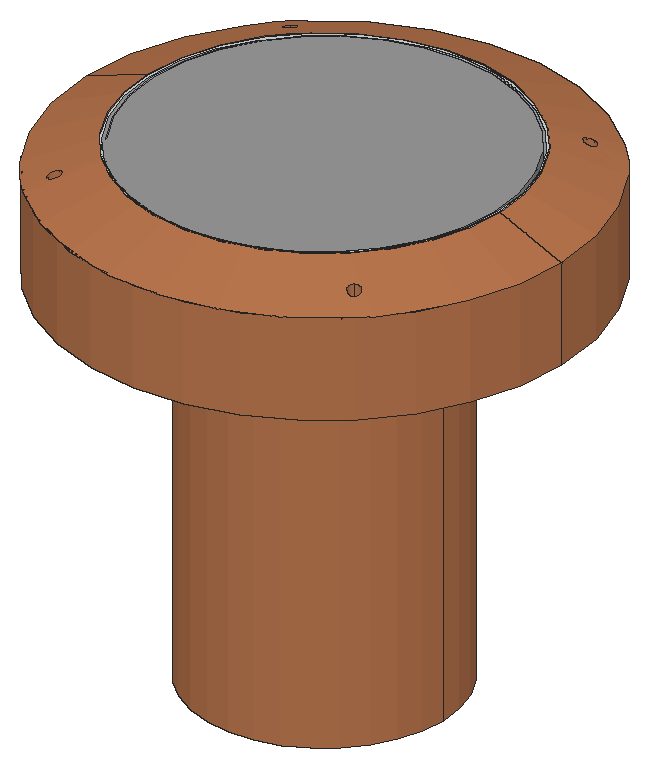
Revit family "UB01b_Uplight", category Lighting Fixtures, Revit 2013
Parameters (values of type "UB01b")
  Wattage = 12.1178 W
  built-in parameter 1150110 = 1 (stored number, unit not read)
  built-in parameter 1114217 = 1 (stored number, unit not read)
  Top Dia [instance] = 294.719 mm
  Tilt Angle = 90.00°
  built-in parameter 1150109 = 1 (stored number, unit not read)
  built-in parameter 1150134 = 3
  built-in parameter 1150113 = 1 (stored number, unit not read)
  built-in parameter 1010507 = 0.5236 (stored number, unit not read)
  built-in parameter 1010506 = 0.5236 (stored number, unit not read)
  Outer Dia [instance] = 400 mm
  Model = ""
  Manufacturer = ""
  built-in parameter 1150105 = 11632.2 (stored number, unit not read)
  Lumens = 1800 lm
  built-in parameter 1150115 = 1 (stored number, unit not read)
  Load Classification = Ltg
  Light Type [instance] = "UB01b"
  Light Source Symbol Length = 1524 mm
  built-in parameter 1150137 = (empty or 0)
  built-in parameter 1150139 = (empty or 0)
  Light Body = Light Body
  built-in parameter 1150112 = 1 (stored number, unit not read)
  built-in parameter 1150114 = 1 (stored number, unit not read)
  built-in parameter 1150132 = 2
  built-in parameter 1150102 = (empty or 0)
  built-in parameter 1150107 = 3200 (stored number, unit not read)
  built-in parameter 1150138 = (empty or 0)
  built-in parameter 1150106 = 116.32 (stored number, unit not read)
  Height = 203.2 mm
  Glass = Glass, Green
  Finish = none
  built-in parameter 1150104 = 13.8 (stored number, unit not read)
  Dimming Lamp Color Temperature Shift = <None>
  Radius = 50.8 mm
  Color Filter = 16777215
  Bottom Dia [instance] = 199.505 mm
  built-in parameter 1114218 = 1 (stored number, unit not read)
  built-in parameter 1150133 = 10 (stored number, unit not read)
  Assembly Code = ""
  Apparent Load = 150 W
Reference planes
  plane 1 "Light Source Axis (F/B)": y = 0
  plane 2: z = 0
  plane 3 "Light Source Axis (L/R)": x = 3.349
  plane 4 "Light Source Elevation": z = 0
  plane 5: x = -196.651
  plane 6: x = 203.349
  plane 7: x = 150.709
  plane 8: x = -144.011
  plane 9: x = -96.403
  plane 10: x = 103.101
  plane 11 "Top": z = 97
  plane 12 "Bottom": z = -303
  plane 13: z = 77
  plane 14: z = 20
Forms (mm)
  Extrusion 1, solid, material "Light Body" <- "Light Body"
    sketch origin (0, 0, -303) x (-1, 0, 0) y (0, -1, 0)
      loop
        circle (-3.349, 0) r 100.133
    from 0 to 303
  Extrusion 2, solid
    sketch origin (0, 0, 97) x (-1, 0, 0) y (0, -1, 0)
      loop
        circle (-3.349, 0) r 147.923
    from 0 to -97
  Revolve 3, solid, material "Light Body" <- "Light Body"
    sketch origin (0, 0, 0) x (1, 0, 0) y (0, 0, 1)
      loop
        line (-196.651, 0) -> (-144.574, 0) -> (-144.574, 97) -> (-196.651, 77) -> (-196.651, 0)
      axis (3.349, 97) -> (3.349, 0)
    angle from 0 to 360
  Extrusion 4, void
    sketch origin (0, 0, 0) x (1, 0, 0) y (0, 1, 0)
      loop
        circle (5.349, 0) r 145
    from 44.45 to 97
  Extrusion 5, solid, material "Glass, Green" <- "Glass"
    sketch origin (0, 0, 0) x (1, 0, 0) y (0, 1, 0)
      loop
        circle (3.349, -2) r 145
    from 77 to 97
  Extrusion 6, void
    sketch origin (0.981, -2.368, 0) x (0.707107, 0.707107, 0) y (-0.707107, 0.707107, 0)
      loop
        circle (178.864, 0) r 5
    from 77 to 97
  Extrusion 7, void
    sketch origin (2.981, 0.368, 0) x (0.707107, -0.707107, 0) y (0.707107, 0.707107, 0)
      loop
        circle (178.864, 0) r 5
    from 77 to 97
  Extrusion 8, void
    sketch origin (3.717, -4.368, 0) x (-0.707107, 0.707107, 0) y (-0.707107, -0.707107, 0)
      loop
        circle (178.864, 0) r 5
    from 77 to 97
  Extrusion 9, void
    sketch origin (5.717, -1.632, 0) x (-0.707107, -0.707107, 0) y (0.707107, -0.707107, 0)
      loop
        circle (178.864, 0) r 5
    from 77 to 97
  Revolve 10, void
    sketch origin (0, 0, 0) x (1, 0, 0) y (0, 0, 1)
      loop
        arc (-82.282, 44.45) -> (-56.615, -17.514) -> (5.349, -43.181) r 87.631
        line (5.349, -43.181) -> (5.349, 44.45) -> (-82.282, 44.45)
      axis (5.349, -43.181) -> (5.349, 44.45)
    angle from 0 to 360
Cuts and joins
  Extrusion 4, Revolve 10 cuts Extrusion 1
  Extrusion 4, Revolve 10 cuts Extrusion 2
  Extrusion 6, Extrusion 7, Extrusion 8, Extrusion 9 cuts Revolve 3
Dimensions and locks
  plane 11 "Top" to level = 97 mm
  "Bottom Dia": plane 10 to plane 9
  equal spacing: plane 10, plane 3 "Light Source Axis (L/R)", plane 9
  "Top Dia": plane 7 to plane 8
  equal spacing: plane 7, plane 3 "Light Source Axis (L/R)", plane 8
  "Outer Dia": plane 6 to plane 5
  equal spacing: plane 6, plane 3 "Light Source Axis (L/R)", plane 5
  plane 11 "Top" to plane 12 "Bottom" = 400 mm
  plane 11 "Top" to plane 13 = 20 mm
  plane 14 to level = 20 mm
  aligned: plane 3 "Light Source Axis (L/R)" to imposter light
  aligned: plane 4 "Light Source Elevation" to imposter light
Automatic sketch dimensions
  plane 1 "Light Source Axis (F/B)" to Extrusion 1 sketch curve = 0 mm
  Extrusion 1 sketch curve to plane 3 "Light Source Axis (L/R)" = 0 mm
  plane 1 "Light Source Axis (F/B)" to Extrusion 2 sketch curve = 0 mm
  Extrusion 2 sketch curve to plane 3 "Light Source Axis (L/R)" = 0 mm
  Revolve 3 sketch curve to plane 5 = 0 mm
  Revolve 3 sketch curve to level = 0 mm
  Revolve 3 sketch curve to plane 11 "Top" = 0 mm
  Revolve 3 sketch curve to plane 13 = 0 mm
  Revolve 3 sketch curve to plane 3 "Light Source Axis (L/R)" = 0 mm
  Revolve 3 sketch curve to plane 8 = 0.563 mm
  Revolve 3 sketch curve to level = 130 mm
  plane 11 "Top" to Revolve 3 sketch curve = 73 mm
  plane 1 "Light Source Axis (F/B)" to Extrusion 4 sketch curve = 0 mm
  plane 3 "Light Source Axis (L/R)" to Extrusion 4 sketch curve = 2 mm
  Extrusion 5 sketch curve to plane 3 "Light Source Axis (L/R)" = 0 mm
  plane 1 "Light Source Axis (F/B)" to Extrusion 5 sketch curve = 2 mm
  plane 9 to Revolve 10 sketch curve = 14.122 mm
  plane 3 "Light Source Axis (L/R)" to Revolve 10 sketch curve = 2 mm  (x2)
  Revolve 10 sketch curve to level = 43.181 mm
  Revolve 10 sketch curve to Revolve 10 sketch curve = 66.819 mm
  plane 11 "Top" to Revolve 10 sketch curve = 48 mm
  radius of Extrusion 6 sketch curve = 5 mm
  radius of Extrusion 7 sketch curve = 5 mm
  radius of Extrusion 8 sketch curve = 5 mm
  radius of Extrusion 9 sketch curve = 5 mm
  radius of Extrusion 1 sketch curve = 100.133 mm
  radius of Extrusion 2 sketch curve = 147.923 mm
  radius of Extrusion 4 sketch curve = 145 mm
  radius of Extrusion 5 sketch curve = 145 mm
Nested families
  nested 1: "EL_UB01b" at (3.349, 0, 0), type "EL_UB01b"
Connectors
  electrical at (3.349, 0, -303), driven by "Load Classification"
    settings: on cut or joined group of Extrusion 1, Extrusion 4, Revolve 10, index 1, voltage 230 V, apparent load 0 W, apparent load phase1 150 W, apparent load phase2 0 W, apparent load phase3 0 W, power factor 0.9, load classification "Ltg", number of poles 1, system type 31, power factor state 1, is connector primary yes, connector utility no, sub classification motor no, connector description ""
Definition of nested family "EL_UB01b"
  Reference planes
    plane 1: y = 0
    plane 2: x = 0
  Lines and regions (mm)
    detail lines, style "Lighting Symbols"
      curve 1: circle (0, 0, 0) r 2 normal (0, 0, 1)
      curve 2: circle (0, 0, 0) r 1.6 normal (0, 0, 1)
      curve 3: line (-1.6, 0, 0) -> (1.6, 0, 0)
      curve 4: circle (0, 0, 0) r 1.65 normal (0, 0, 1)
      curve 5: circle (0, 0, 0) r 1.75 normal (0, 0, 1)
      curve 6: circle (0, 0, 0) r 1.7 normal (0, 0, 1)
      curve 7: circle (0, 0, 0) r 1.8 normal (0, 0, 1)
      curve 8: circle (0, 0, 0) r 1.9 normal (0, 0, 1)
      curve 9: circle (0, 0, 0) r 1.95 normal (0, 0, 1)
      curve 10: circle (0, 0, 0) r 1.85 normal (0, 0, 1)
